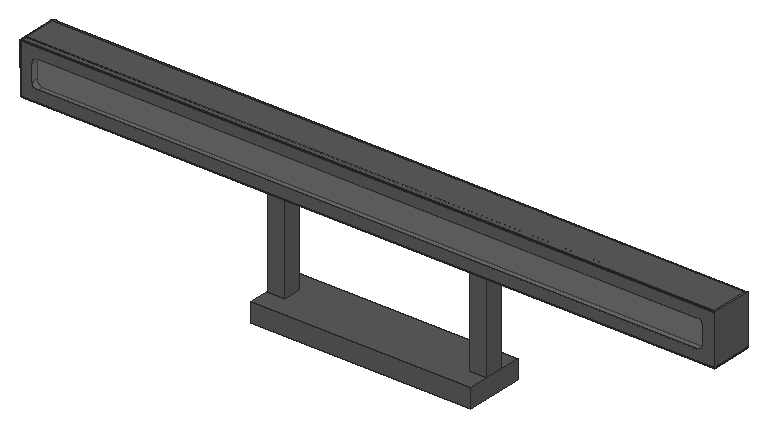
Revit family "Lighting_Linear_LED_StarTek_HydroBeam-Wall_Mount1", category Lighting Fixtures, host Face, Revit 2019
Family settings
  Host = Face
  Round Connector Dimension = Use Diameter
  Part Type = Normal
  OmniClass Number = 23.80.70.11
  OmniClass Title = Luminaries for Internal Lighting
  Cut with Voids When Loaded = No
  Light Source = Yes
  Shared = No
  Room Calculation Point = No
Parameters (values of type "Not a type - Load Type Catalog!")
  z_Start [instance] = Run Option = z_Option Start  # no
  z_Standalone [instance] = Run Option = z_Option Standalone  # yes
  z_Option Start = Run : Start Fixture
  z_Option Standalone = Run : Standalone Fixture
  z_Option Middle = Run : Middle Fixture
  z_Option End = Run : End Fixture
  z_Middle [instance] = Run Option = z_Option Middle  # no
  z_Length 8 = Length = 96.00"  # no
  z_Length 6 [instance] = or(Length = 72.00", Length = 48.00", and(Length < 48.00", or(z_Middle, z_End)))  # no
  z_End [instance] = Run Option = z_Option End  # no
  z_EC [instance] = z_Array No 04 = 3  # no
  z_Array No 04 [instance] = if(and(Emergency Circuit – End Fixture, z_End), 3, 2)  # 2
  z_Array No 03 [instance] = if(z_Middle, 2, if(and(z_End, Emergency Circuit – End Fixture), 3, if(z_End, 2, 3)))  # 3
  Z_Sweep Length [instance] = 1.00"  # constant formula
  Z_Sweep Angle [instance] = 90.00°  # constant formula
  Z_Connector Position V [instance] = 1.79"  # constant formula
  Z_Array No 2 [instance] = if(Length = 60.00", 3, 2)  # 3
  Z_Array No [instance] = if(Length = 60.00", 3, 2)  # 3
  Width = 4.39844"  # constant formula
  Weight = 0.00 lbf
  Wattage Comments = "Efficacy up to 125 lm/W"
  Wattage = 28.9855 W
  Wall_RA [instance] = Mounting = RAWM  # yes
  Wall_M [instance] = Mounting = WM  # no
  Wall postion [instance] = if(Mounting = RAWM, 10.00", 0.60156")  # 10.00"
  Wall [instance] = or(Mounting = WM, Mounting = RAWM)  # yes
  WM = Wall Mounting : Wall Mounted
  Voltage Range = "120-277V"  # constant formula
  built-in parameter 1150110 = 1 (stored number, unit not read)
  Voltage = 120 V
  URL = "https://starteklightingamerica.com/hydro-beam/"
  Type Comments = "Linear Lighting Fixture"  # constant formula
  built-in parameter 1114217 = 1 (stored number, unit not read)
  Tilt Angle [instance] = 90.00°  # constant formula
  built-in parameter 1150109 = 1 (stored number, unit not read)
  built-in parameter 1150134 = (empty or 0)
  built-in parameter 1150113 = 1 (stored number, unit not read)
  Run Option [instance] = Run : Standalone Fixture
  RAWM = Wall Mounting : Rigid Arm Wall Mount - RAWM
  Product data url = "https://www.bimobject.com/startek-lighting/product/hydrobeam"
  Product Material [instance] = StarTek Lighting - Aluminum - Powder Coat Black
  Power Factor = 0.93
  Photometric Web File = "Generic Light Source Shown : Please download and link the IES file that best matches your fixture specification"
  Photometric Note = "Import IES files https://starteklightingamerica.com/"  # constant formula
  Phase = 1
  Number of Poles = 1
  Mounting [instance] = Wall Mounting : Rigid Arm Wall Mount - RAWM
  Mount Finish Note [instance] = "Rigid stem mount can be ordered in white (RSW) or black (RSB)"  # constant formula
  Mount Finish [instance] = StarTek Lighting - Aluminum - Powder Coat Black
  Model = ""
  Mep Distance Y [instance] = 1.80"  # constant formula
  Manufacturer = "StarTek Lighting"  # constant formula
  Pendant distance [instance] = Length / 2 - 4.00"  # 26.00"
  MEP Distance = Length / 2  # 30.00"
  built-in parameter 1150105 = 318.31 (stored number, unit not read)
  Lumens = 4000 lm
  built-in parameter 1150115 = 1 (stored number, unit not read)
  built-in parameter 1150137 = (empty or 0)
  built-in parameter 1150139 = (empty or 0)
  Length = 60.00"
  built-in parameter 1150112 = 1 (stored number, unit not read)
  built-in parameter 1150114 = 1 (stored number, unit not read)
  Lamp = "LED"  # constant formula
  Keynote = "16500"  # constant formula
  Input Wattage = 36 W
  built-in parameter 1150132 = 2
  built-in parameter 1150102 = (empty or 0)
  built-in parameter 1150107 = 3500 (stored number, unit not read)
  built-in parameter 1150138 = (empty or 0)
  built-in parameter 1150106 = 3.1831 (stored number, unit not read)
  Height = 3.60156"  # constant formula
  Frequency = 60 Hz
  Emergency Circuit – End Fixture [instance] = no
  Distribution = "SD"
  Description = "HydroBeam"  # constant formula
  Emit from Rectangle Width [instance] = 4.00"  # constant formula
  Emit from Rectangle Length [instance] = Length  # 60.00"
  Emit Shape Visible in Rendering = 2 < 1  # no
  built-in parameter 1150104 = 12.821 (stored number, unit not read)
  Dimming Lamp Color Temperature Shift = <None>
  Default Elevation = 48.00"
  Tube length parameter [instance] = if(Mounting = RAWM, 10.00", 1.50")  # 10.00"
  Color Filter = 16777215
  Color [instance] = "Available options: Powder Coat White (PW), Powder Coat Black (PB), Powder Coat Bronze (PBR), Powder Coat Other (PBO)"  # constant formula
  Ceiling [instance] = 0 = 1  # no
  CRI = "80"
  built-in parameter 1114218 = 1 (stored number, unit not read)
  built-in parameter 1150133 = 10 (stored number, unit not read)
  Assembly Code = "D5020200"
  Apparent Load = Input Wattage / (Number of Poles * Power Factor)  # 38.7097 VA
Reference planes (in)
  plane 1 "Center (Front/Back)": y = 0
  plane 2: z = 0
  plane 3 "Center (Left/Right)": x = 0
  plane 4 "Lighting": z = 10
  plane 5: x = -26
  plane 6: x = 26
  plane 7: z = 10
  plane 8 "Lighting Y": y = 3.59976
  plane 9: z = 1.6
  plane 10: y = 4.34976
  plane 11: y = -0.75
  plane 12: x = -9.5
  plane 13: x = -8
  plane 14: x = 9.5
  plane 15: x = 8
  plane 16 "mep": x = -5
  plane 17 "mep y": y = 1.8
  plane 18: z = 1.79
  plane 19: z = 12.2
  plane 20: x = -30
  plane 21: x = 30
  plane 22 "add 1": x = 2
  plane 23 "add 2": x = -2
  plane 24: x = 0
  plane 25: z = 1.8
  plane 26: z = 12.2
Forms (in)
  Extrusion 1, solid, material "StarTek Lighting - Aluminum - Powder Coat Black" <- "Product Material", visible <- "Wall_M"
    sketch origin (0, -0.20066, 0) x (1, 0, 0) y (0, 1, 0)
      loop
        line (-26.53147, 1.00054) -> (26.53147, 1.00054) -> (26.53147, 3.00054) -> (-26.53147, 3.00054) -> (-26.53147, 1.00054)
    from 0 to 10
  Extrusion 2, solid, material "StarTek Lighting - Aluminum - Powder Coat Black" <- "Product Material", visible <- "Wall_RA"
    sketch origin (0, 0, 0) x (1, 0, 0) y (0, 0, 1)
      loop
        line (-9.5, 1.6) -> (-9.5, 0) -> (9.5, 0) -> (9.5, 1.6) -> (-9.5, 1.6)
    from -4.34976 to 0.75
  Extrusion 3, solid, material "StarTek Lighting - Aluminum - Powder Coat Black" <- "Product Material", visible <- "Wall_RA"
    sketch origin (0, 0, 0) x (1, 0, 0) y (0, 1, 0)
      loop
        line (-9.5, 2.54793) -> (-9.5, 1.04793) -> (-8, 1.04793) -> (-8, 2.54793) -> (-9.5, 2.54793)
      loop
        line (9.5, 2.54793) -> (8, 2.54793) -> (8, 1.04793) -> (9.5, 1.04793) -> (9.5, 2.54793)
    from 1.6 to 10
  Sweep 4, solid, not visible
    path origin (0, 0, 0) x (0, 1, 0) y (0, 0, 1)
      loop
        line (1.8, 1.79) -> (1.8, 0.79)
    profile origin (0, 1.8, 1.29) x (1, 0, 0) y (0, 1, 0)
      loop
        circle (0, 0) r 0.6
Lines and regions (in)
  Masking region 1, visible <- "Wall_RA"
    outline origin (0, 0, 0) x (1, 0, 0) y (0, 0, 1)
      loop
        line (-9.5, 10) -> (-9.5, 0) -> (9.5, 0) -> (9.5, 10) -> (8, 10) -> (8, 1.6) -> (-8, 1.6) -> (-8, 10) -> (-9.5, 10)
  Masking region 2, visible <- "Wall_M"
    outline origin (0, 0, 0) x (1, 0, 0) y (0, 0, 1)
      loop
        line (-26.53147, 10) -> (-26.53147, 0) -> (26.53147, 0) -> (26.53147, 10) -> (-26.53147, 10)
Dimensions and locks (in)
  "Tube length parameter": plane 4 "Lighting" to plane 2
  "Pendant distance": plane 3 "Center (Left/Right)" to plane 5
  plane 4 "Lighting" to level = 10.00"
  "Pendant distance": plane 3 "Center (Left/Right)" to plane 6
  locked: plane 8 "Lighting Y" to plane 1 "Center (Front/Back)" at 3.59976
  "Wall postion": plane 7 to plane 2
  locked: plane 5 to Extrusion 1 at 0.53147
  locked: plane 6 to Extrusion 1 at 0.53147
  locked: plane 9 to plane 2 at 1.6
  locked: plane 12 to plane 13 at 1.5
  locked: plane 14 to plane 15 at 1.5
  locked: Extrusion 3 sketch curve to plane 8 "Lighting Y" at 1.05183  (x2)
  locked: plane 1 "Center (Front/Back)" to Extrusion 3 sketch curve at 1.04793  (x2)
  equal spacing: plane 12, plane 3 "Center (Left/Right)", plane 14
  "Mep Distance Y": plane 17 "mep y" to plane 1 "Center (Front/Back)"
  "Z_Connector Position V": plane 18 to plane 2
  "Z_Sweep Length": Sweep 4 sketch curve to Sweep 4 sketch curve
  plane 19 to plane 4 "Lighting" = 2.20"
  locked: plane 5 to Masking region 2 sketch curve at 0.53147
  locked: plane 6 to Masking region 2 sketch curve at 0.53147
  equal spacing: plane 20, plane 3 "Center (Left/Right)", plane 21
  "Length": plane 20 to plane 21
  locked: plane 20 to plane 22 "add 1" at 32
  locked: plane 23 "add 2" to plane 21 at 32
  "MEP Distance": Sweep 4 sketch curve to plane 21
  equal spacing: group 1, group 2, group 3  (x3)
  "MEP Distance": plane 21 to plane 24
  locked: plane 24 to plane 16 "mep" at 5
  plane 25 to plane 2 = 1.80"
  locked: plane 26 to plane 19 at 0
  "Z_Sweep Angle": angle Sweep 4 sketch curve to plane 18
  aligned and locked: plane 2 to host face
  aligned and locked: level to host face
  aligned and locked: plane 3 "Center (Left/Right)" to nested 1
  aligned and locked: plane 7 to nested 1
  aligned and locked: plane 7 to Extrusion 1
  aligned and locked: Extrusion 2 sketch curve to plane 9
  aligned and locked: plane 2 to Extrusion 2 sketch curve
  aligned and locked: Extrusion 2 to plane 11
  aligned and locked: Extrusion 2 to plane 10
  aligned and locked: plane 12 to Extrusion 2
  aligned and locked: Extrusion 3 sketch curve to plane 12
  aligned and locked: plane 13 to Extrusion 3 sketch curve
  aligned and locked: plane 14 to Extrusion 3 sketch curve
  aligned and locked: Extrusion 3 sketch curve to plane 15
  aligned and locked: plane 4 "Lighting" to Extrusion 3
  aligned and locked: Extrusion 3 to plane 9
  aligned and locked: plane 18 to Sweep 4 sketch curve
  aligned and locked: plane 17 "mep y" to Sweep 4 sketch curve
  aligned and locked: nested 2 to plane 16 "mep"
  aligned and locked: Masking region 1 sketch curve to plane 12
  aligned and locked: plane 13 to Masking region 1 sketch curve
  aligned and locked: plane 14 to Masking region 1 sketch curve
  aligned and locked: Masking region 1 sketch curve to plane 15
  aligned and locked: Masking region 1 sketch curve to plane 9
  aligned and locked: Masking region 1 sketch curve to plane 7
  aligned and locked: plane 7 to Masking region 1 sketch curve
  aligned and locked: Masking region 1 sketch curve to plane 2
  aligned and locked: nested 4 to plane 24
  aligned and locked: plane 3 "Center (Left/Right)" to imposter light
  aligned and locked: imposter light to plane 1 "Center (Front/Back)"
  aligned and locked: imposter light to plane 19
  aligned and locked: imposter light to plane 26
Automatic sketch dimensions
  host sketch curve to host sketch curve = 73.66986"
  host sketch curve to host sketch curve = 97.5302"
  Extrusion 1 sketch curve to plane 5 = 0.53147"
  Extrusion 1 sketch curve to plane 6 = 0.53147"
  Extrusion 1 sketch curve to plane 1 "Center (Front/Back)" = 0.79988"
  plane 8 "Lighting Y" to Extrusion 1 sketch curve = 0.79988"
  plane 12 to Extrusion 2 sketch curve = 0.00"
  Extrusion 2 sketch curve to plane 14 = 0.00"
  Masking region 2 sketch curve to level = 0.00"
  Masking region 2 sketch curve to plane 7 = 0.00"
  profile plane to Sweep 4 sketch curve = 0.00"
  radius of Sweep 4 sketch curve = 0.60"
Nested families (in)
  nested 1: "Run" at (0, 3.59976, 12.2) x (1, 0, 0) z (0, -1, 0), visible <- "Wall", type "Standalone Fixture"
    with z_Right Cap yes, z_Left Cap yes, Wall yes, Ceiling no, Length 60.00"
  nested 2: "Connector" at (-5, 0, 1.79) x (-1, 0, 0) z (0, 0, 1), Length <- "Length", C <- "Z_Sweep Length", Emergency Circuit <- "z_EC", type "Connector"
    with SME no, Length 60.00", Emergency Circuit no, C 1.00", B 0.3937", Angle 270.00°, A 1.3937"
  nested 3: "Connector" at (-2.5, 0, 1.79) x (-1, 0, 0) z (0, 0, 1), Length <- "Length", C <- "Z_Sweep Length", Emergency Circuit <- "z_EC", type "Connector"
    with SME no, Length 60.00", Emergency Circuit no, C 1.00", B 0.3937", Angle 270.00°, A 1.3937"
  nested 4: "Connector" at (0, 0, 1.79) x (-1, 0, 0) z (0, 0, 1), Length <- "Length", C <- "Z_Sweep Length", Emergency Circuit <- "z_EC", type "Connector"
    with SME no, Length 60.00", Emergency Circuit no, C 1.00", B 0.3937", Angle 270.00°, A 1.3937"
Connectors (in)
  electrical at (0, 0, 0.0026), driven by "Number of Poles", driven by "Voltage", driven by "Apparent Load", driven by "Power Factor"
    settings: on nested 4, index 2, voltage 120 V, apparent load 38.7097 VA, apparent load phase1 0 VA, apparent load phase2 0 VA, apparent load phase3 0 VA, power factor 0.93, load classification "Other", number of poles 1, system type 30, power factor state 1, is connector primary yes, connector utility no, sub classification motor no, connector description "Power Supply"
Definition of nested family "Run"
  Parameters (values of type "Standalone Fixture")
    z_Start = no
    z_Standalone = not(or(z_Start, z_Middle, z_End))  # yes
    z_Right Cap [instance] = or(z_Standalone, z_End)  # yes
    z_Middle = no
    z_Left Cap [instance] = or(z_Standalone, z_Start)  # yes
    z_End = no
    Wall [instance] = yes
    Length = 48.00"
    Lamp Finish = none
    Default Elevation = 48.00"
    Ceiling [instance] = no
  Types (4): name
    Standalone Fixture
    End Fixture
    Middle Fixture
    Start Fixture
  Reference planes (in)
    plane 1 "Center (Front/Back)": y = 0
    plane 2: z = 0
    plane 3 "Center (Left/Right)": x = 0
    plane 4: x = -24
    plane 5: x = 24
  Forms (in)
    Extrusion 1, solid
      sketch origin (0, 0, 0) x (1, 0, 0) y (0, 1, 0)
        loop
          line (-48, 48) -> (-48, -48) -> (48, -48) -> (48, 48) -> (-48, 48)
      from 0 to -12
    Extrusion 2, solid, material <- "Lamp Finish", detail levels coarse
      sketch origin (0, 0, 0) x (0, 1, 0) y (0, 0, 1)
        loop
          line (-2.2, 3.59976) -> (-2.2, 0) -> (2.2, 0) -> (2.2, 3.59976) -> (-2.2, 3.59976)
      from -24 to 24
    Extrusion 3, solid, material <- "Lamp Finish", detail levels medium
      sketch origin (0, 0, 0) x (0, 1, 0) y (0, 0, 1)
        loop
          line (2.2, 3.59976) -> (-2.2, 3.59976) -> (-2.2, 0.2)
          arc (-2.2, 0.2) -> (-2.14142, 0.05858) -> (-2, 0) r 0.2
          line (-2, 0) -> (2, 0)
          arc (2, 0) -> (2.14142, 0.05858) -> (2.2, 0.2) r 0.2
          line (2.2, 0.2) -> (2.2, 3.59976)
      from -24 to 24
    Extrusion 4, solid, material <- "Lamp Finish", detail levels medium
      sketch origin (0, 0, 0) x (1, 0, 0) y (0, 1, 0)
        loop
          line (-23.95737, 2.175) -> (-23.95737, -2.175) -> (23.9737, -2.175) -> (23.9737, 2.175) -> (-23.95737, 2.175)
        loop
          arc (-23, -0.7) -> (-22.85355, -1.05355) -> (-22.5, -1.2) r 0.5
          line (-22.5, -1.2) -> (22.5, -1.2)
          arc (22.5, -1.2) -> (22.85355, -1.05355) -> (23, -0.7) r 0.5
          line (23, -0.7) -> (23, 0.7)
          arc (23, 0.7) -> (22.85355, 1.05355) -> (22.5, 1.2) r 0.5
          line (22.5, 1.2) -> (-22.5, 1.2)
          arc (-22.5, 1.2) -> (-22.85355, 1.05355) -> (-23, 0.7) r 0.5
          line (-23, 0.7) -> (-23, -0.7)
      from 3.09976 to 3.59976
    Extrusion 5, solid, detail levels medium+fine
      sketch origin (0, 0, 0) x (1, 0, 0) y (0, 1, 0)
        loop
          arc (-22.5, 1.2) -> (-22.85355, 1.05355) -> (-23, 0.7) r 0.5
          line (-23, 0.7) -> (-23, -0.7)
          arc (-23, -0.7) -> (-22.85355, -1.05355) -> (-22.5, -1.2) r 0.5
          line (-22.5, -1.2) -> (22.5, -1.2)
          arc (22.5, -1.2) -> (22.85355, -1.05355) -> (23, -0.7) r 0.5
          line (23, -0.7) -> (23, 0.7)
          arc (23, 0.7) -> (22.85355, 1.05355) -> (22.5, 1.2) r 0.5
          line (22.5, 1.2) -> (-22.5, 1.2)
      from 3.09976 to 3.59976
    Extrusion 6, void
      sketch origin (0, 0, 0) x (1, 0, 0) y (0, 1, 0)
        loop
          line (23.99074, 2.19219) -> (-23.99333, 2.19219) -> (-23.99333, -2.19219) -> (23.99074, -2.19219) -> (23.99074, 2.19219)
      from 3.09976 to 3.59976
    Extrusion 7, solid, material <- "Lamp Finish", detail levels fine
      sketch origin (0, 0, 0) x (1, 0, 0) y (0, 1, 0)
        loop
          line (-23.95737, 2.08125) -> (-23.95737, -2.08174)
          arc (-23.95737, -2.08174) -> (-23.93005, -2.14769) -> (-23.86411, -2.175) r 0.09326
          line (-23.86411, -2.175) -> (23.87995, -2.175)
          arc (23.87995, -2.175) -> (23.94624, -2.14754) -> (23.9737, -2.08125) r 0.09375
          line (23.9737, -2.08125) -> (23.9737, 2.08125)
          arc (23.9737, 2.08125) -> (23.94624, 2.14754) -> (23.87995, 2.175) r 0.09375
          line (23.87995, 2.175) -> (-23.86362, 2.175)
          arc (-23.86362, 2.175) -> (-23.92991, 2.14754) -> (-23.95737, 2.08125) r 0.09375
        loop
          arc (-23, -0.7) -> (-22.85355, -1.05355) -> (-22.5, -1.2) r 0.5
          line (-22.5, -1.2) -> (22.5, -1.2)
          arc (22.5, -1.2) -> (22.85355, -1.05355) -> (23, -0.7) r 0.5
          line (23, -0.7) -> (23, 0.7)
          arc (23, 0.7) -> (22.85355, 1.05355) -> (22.5, 1.2) r 0.5
          line (22.5, 1.2) -> (-22.5, 1.2)
          arc (-22.5, 1.2) -> (-22.85355, 1.05355) -> (-23, 0.7) r 0.5
          line (-23, 0.7) -> (-23, -0.7)
      from 3.09976 to 3.59976
    Extrusion 8, solid, material <- "Lamp Finish", detail levels fine
      sketch origin (0, 0, 0) x (0, 1, 0) y (0, 0, 1)
        loop
          line (2.2, 3.59976) -> (-2.2, 3.59976) -> (-2.2, 0.2)
          arc (-2.2, 0.2) -> (-2.14142, 0.05858) -> (-2, 0) r 0.2
          line (-2, 0) -> (2, 0)
          arc (2, 0) -> (2.14142, 0.05858) -> (2.2, 0.2) r 0.2
          line (2.2, 0.2) -> (2.2, 3.59976)
      from -24 to 24
    Extrusion 9, void
      sketch origin (0, 0, 0) x (1, 0, 0) y (0, 1, 0)
        loop
          arc (-23.90625, 2.2) -> (-23.97254, 2.17254) -> (-24, 2.10625) r 0.09375
          line (-24, 2.10625) -> (-24, -2.10625)
          arc (-24, -2.10625) -> (-23.97254, -2.17254) -> (-23.90625, -2.2) r 0.09375
          line (-23.90625, -2.2) -> (23.90625, -2.2)
          arc (23.90625, -2.2) -> (23.97254, -2.17254) -> (24, -2.10625) r 0.09375
          line (24, -2.10625) -> (24, 2.10625)
          arc (24, 2.10625) -> (23.97254, 2.17254) -> (23.90625, 2.2) r 0.09375
          line (23.90625, 2.2) -> (-23.90625, 2.2)
        loop
          line (-24.45438, 2.52395) -> (-24.45438, -2.47605) -> (24.54562, -2.47605) -> (24.54562, 2.52395) -> (-24.45438, 2.52395)
      from 0 to 4.88308
    Extrusion 10, void
      sketch origin (0, 0, 0) x (1, 0, 0) y (0, 1, 0)
        loop
          arc (-23.89958, 2.19219) -> (-23.96587, 2.16473) -> (-23.99333, 2.09844) r 0.09375
          line (-23.99333, 2.09844) -> (-23.99333, -2.09893)
          arc (-23.99333, -2.09893) -> (-23.96602, -2.16487) -> (-23.90007, -2.19219) r 0.09326
          line (-23.90007, -2.19219) -> (23.89699, -2.19219)
          arc (23.89699, -2.19219) -> (23.96328, -2.16473) -> (23.99074, -2.09844) r 0.09375
          line (23.99074, -2.09844) -> (23.99074, 2.09844)
          arc (23.99074, 2.09844) -> (23.96328, 2.16473) -> (23.89699, 2.19219) r 0.09375
          line (23.89699, 2.19219) -> (-23.89958, 2.19219)
      from 3.09976 to 5.66778
    Extrusion 11, solid, material <- "Lamp Finish", visible <- "z_Left Cap", detail levels medium+fine
      sketch origin (-24, 60, 48) x (0, 1, 0) y (0, 0, 1)
        loop
          line (-57.8, -47.8) -> (-57.8, -44.40024) -> (-62.2, -44.40024) -> (-62.2, -47.8)
          arc (-62.2, -47.8) -> (-62.14142, -47.94142) -> (-62, -48) r 0.2
          line (-62, -48) -> (-58, -48)
          arc (-58, -48) -> (-57.85858, -47.94142) -> (-57.8, -47.8) r 0.2
      from 0 to -0.03125
    Extrusion 12, solid, material <- "Lamp Finish", visible <- "z_Right Cap", detail levels medium+fine
      sketch origin (24, 60, 48) x (0, 1, 0) y (0, 0, 1)
        loop
          line (-57.8, -47.8) -> (-57.8, -44.40024) -> (-62.2, -44.40024) -> (-62.2, -47.8)
          arc (-62.2, -47.8) -> (-62.14142, -47.94142) -> (-62, -48) r 0.2
          line (-62, -48) -> (-58, -48)
          arc (-58, -48) -> (-57.85858, -47.94142) -> (-57.8, -47.8) r 0.2
      from 0 to 0.03125
  Cuts and joins
    Extrusion 6 cuts Extrusion 3
    Extrusion 9, Extrusion 10 cuts Extrusion 8
  Lines and regions (in)
    Masking region 1
      outline origin (0, 0, 0) x (1, 0, 0) y (0, 1, 0)
        loop
          line (-24, 2.2) -> (-24, -2.2) -> (24, -2.2) -> (24, 2.2) -> (-24, 2.2)
    Masking region 2, detail levels medium+fine
      outline origin (0, 0, 0) x (1, 0, 0) y (0, 1, 0)
        loop
          line (-22.5, -1.2) -> (22.5, -1.2)
          arc (22.5, -1.2) -> (22.85355, -1.05355) -> (23, -0.7) r 0.5
          line (23, -0.7) -> (23, 0.7)
          arc (23, 0.7) -> (22.85355, 1.05355) -> (22.5, 1.2) r 0.5
          line (22.5, 1.2) -> (-22.5, 1.2)
          arc (-22.5, 1.2) -> (-22.85355, 1.05355) -> (-23, 0.7) r 0.5
          line (-23, 0.7) -> (-23, -0.7)
          arc (-23, -0.7) -> (-22.85355, -1.05355) -> (-22.5, -1.2) r 0.5
    Masking region 3, visible <- "z_Left Cap", detail levels medium+fine
      outline origin (0, 0, 0) x (1, 0, 0) y (0, 1, 0)
        loop
          line (-24.03125, 2.2) -> (-24.03125, -2.2) -> (-24, -2.2) -> (-24, 2.2) -> (-24.03125, 2.2)
    Masking region 4, visible <- "z_Right Cap", detail levels medium+fine
      outline origin (0, 0, 0) x (1, 0, 0) y (0, 1, 0)
        loop
          line (24.03125, 2.2) -> (24, 2.2) -> (24, -2.2) -> (24.03125, -2.2) -> (24.03125, 2.2)
  Dimensions and locks (in)
    equal spacing: plane 4, plane 3 "Center (Left/Right)", plane 5
    "Length": plane 4 to plane 5
    locked: plane 4 to Extrusion 7 sketch curve at 0.04263
    locked: Extrusion 7 sketch curve to plane 5 at 0.0263
    locked: plane 4 to Extrusion 7 sketch curve at 1
    locked: Extrusion 7 sketch curve to plane 5 at 1
    locked: plane 4 to Extrusion 5 sketch curve at 1
    locked: Extrusion 5 sketch curve to plane 5 at 1
    locked: plane 4 to Extrusion 4 sketch curve at 0.04263
    locked: Extrusion 4 sketch curve to plane 5 at 0.0263
    locked: plane 4 to Extrusion 4 sketch curve at 1
    locked: Extrusion 4 sketch curve to plane 5 at 1
    locked: plane 4 to Extrusion 10 sketch curve at 0.00667
    locked: Extrusion 10 sketch curve to plane 5 at 0.00926
    locked: Extrusion 9 sketch curve to plane 4 at 0.45438
    locked: plane 5 to Extrusion 9 sketch curve at 0.54562
    locked: plane 4 to Extrusion 6 sketch curve at 0.00667
    locked: Extrusion 6 sketch curve to plane 5 at 0.00926
    locked: plane 4 to Masking region 2 sketch curve at 1
    Masking region 2 sketch curve to plane 5 = 1.00"
    aligned and locked: plane 2 to Extrusion 1
    aligned and locked: level to Extrusion 1
    aligned and locked: plane 4 to Extrusion 9 sketch curve
    aligned and locked: Extrusion 9 sketch curve to plane 5
    aligned and locked: plane 5 to Extrusion 2
    aligned and locked: Extrusion 2 to plane 4
    aligned and locked: plane 4 to Extrusion 2
    aligned and locked: Extrusion 2 to plane 5
    aligned and locked: cut or joined group of Extrusion 8, Extrusion 9, Extrusion 10 to plane 4
    aligned and locked: plane 5 to cut or joined group of Extrusion 8, Extrusion 9, Extrusion 10
    aligned and locked: plane 5 to cut or joined group of Extrusion 3, Extrusion 6
    aligned and locked: cut or joined group of Extrusion 3, Extrusion 6 to plane 4
    aligned and locked: plane 4 to Masking region 1 sketch curve
    aligned and locked: Masking region 1 sketch curve to plane 5
    aligned and locked: Masking region 3 sketch curve to Extrusion 11
    aligned and locked: Extrusion 11 to Masking region 3 sketch curve  (x2)
    aligned and locked: Masking region 3 sketch curve to plane 4
    aligned and locked: Masking region 4 sketch curve to Extrusion 12  (x3)
    aligned and locked: Masking region 4 sketch curve to plane 5
  Automatic sketch dimensions
    Extrusion 1 sketch curve to Extrusion 1 sketch curve = 96.00"  (x2)
    Extrusion 2 sketch curve to level = 0.00"
    plane 1 "Center (Front/Back)" to Extrusion 2 sketch curve = 2.20"
    Extrusion 2 sketch curve to plane 1 "Center (Front/Back)" = 2.20"
    level to Extrusion 2 sketch curve = 3.59976"
    Extrusion 3 sketch curve to level = 0.00"
    plane 1 "Center (Front/Back)" to Extrusion 3 sketch curve = 2.20"
    Extrusion 3 sketch curve to Extrusion 3 sketch curve = 0.20"
    level to Extrusion 3 sketch curve = 0.20"
    Extrusion 3 sketch curve to plane 1 "Center (Front/Back)" = 2.00"
    Extrusion 3 sketch curve to Extrusion 3 sketch curve = 3.39976"
    Extrusion 4 sketch curve to Extrusion 4 sketch curve = 0.50"  (x4)
    plane 1 "Center (Front/Back)" to Extrusion 4 sketch curve = 2.175"
    plane 1 "Center (Front/Back)" to Extrusion 4 sketch curve = 1.20"
    Extrusion 4 sketch curve to plane 1 "Center (Front/Back)" = 0.70"
    Extrusion 4 sketch curve to Extrusion 4 sketch curve = 0.975"
    Extrusion 5 sketch curve to Extrusion 5 sketch curve = 0.50"  (x4)
    plane 1 "Center (Front/Back)" to Extrusion 5 sketch curve = 1.20"
    Extrusion 5 sketch curve to plane 1 "Center (Front/Back)" = 0.70"
    plane 1 "Center (Front/Back)" to Extrusion 6 sketch curve = 2.19219"
    Extrusion 6 sketch curve to plane 1 "Center (Front/Back)" = 2.19219"
    Extrusion 7 sketch curve to Extrusion 7 sketch curve = 0.09326"
    Extrusion 7 sketch curve to Extrusion 7 sketch curve = 0.09375"  (x2)
    Extrusion 7 sketch curve to Extrusion 7 sketch curve = 0.50"  (x4)
    Extrusion 7 sketch curve to plane 5 = 0.12005"
    plane 1 "Center (Front/Back)" to Extrusion 7 sketch curve = 2.175"
    plane 1 "Center (Front/Back)" to Extrusion 7 sketch curve = 1.20"
    Extrusion 7 sketch curve to plane 1 "Center (Front/Back)" = 0.70"
    Extrusion 7 sketch curve to Extrusion 7 sketch curve = 1.38125"
    Extrusion 8 sketch curve to level = 0.00"
    plane 1 "Center (Front/Back)" to Extrusion 8 sketch curve = 2.20"
    Extrusion 8 sketch curve to Extrusion 8 sketch curve = 0.20"
    level to Extrusion 8 sketch curve = 0.20"
    Extrusion 8 sketch curve to plane 1 "Center (Front/Back)" = 2.00"
    Extrusion 8 sketch curve to Extrusion 8 sketch curve = 3.39976"
    plane 4 to Extrusion 9 sketch curve = 0.09375"  (x2)
    Extrusion 9 sketch curve to plane 5 = 0.09375"  (x2)
    plane 1 "Center (Front/Back)" to Extrusion 9 sketch curve = 2.47605"
    Extrusion 9 sketch curve to Extrusion 9 sketch curve = 0.27605"
    Extrusion 9 sketch curve to plane 1 "Center (Front/Back)" = 2.10625"
    Extrusion 9 sketch curve to Extrusion 9 sketch curve = 0.4177"
    Extrusion 10 sketch curve to Extrusion 10 sketch curve = 0.09326"
    Extrusion 10 sketch curve to Extrusion 10 sketch curve = 0.09375"
    Extrusion 10 sketch curve to plane 5 = 0.10301"  (x2)
    plane 1 "Center (Front/Back)" to Extrusion 10 sketch curve = 2.19219"
    Extrusion 10 sketch curve to plane 1 "Center (Front/Back)" = 2.09844"
    plane 1 "Center (Front/Back)" to Masking region 1 sketch curve = 2.20"
    Masking region 1 sketch curve to plane 1 "Center (Front/Back)" = 2.20"
    Masking region 2 sketch curve to Masking region 2 sketch curve = 0.50"  (x4)
    plane 1 "Center (Front/Back)" to Masking region 2 sketch curve = 1.20"
    Masking region 2 sketch curve to plane 1 "Center (Front/Back)" = 0.70"
    Extrusion 11 sketch curve to level = 0.00"
    plane 1 "Center (Front/Back)" to Extrusion 11 sketch curve = 2.20"
    Extrusion 11 sketch curve to Extrusion 11 sketch curve = 0.20"
    level to Extrusion 11 sketch curve = 0.20"
    Extrusion 11 sketch curve to plane 1 "Center (Front/Back)" = 2.00"
    Extrusion 11 sketch curve to Extrusion 11 sketch curve = 3.39976"
    Extrusion 12 sketch curve to level = 0.00"
    plane 1 "Center (Front/Back)" to Extrusion 12 sketch curve = 2.20"
    level to Extrusion 12 sketch curve = 0.20"  (x2)
    Extrusion 12 sketch curve to plane 1 "Center (Front/Back)" = 2.00"
    Extrusion 12 sketch curve to Extrusion 12 sketch curve = 3.39976"
Definition of nested family "Connector"
  Parameters (values of type "Connector")
    SME [instance] = yes
    Length [instance] = 96.00"
    Emergency Circuit [instance] = yes
    Default Elevation = 48.00"
    C [instance] = 0.3937"
    B [instance] = if(SME, 0.00", 0.3937")  # 0.00"
    Angle [instance] = if(Emergency Circuit, 180.00°, if(SME, 0.00°, 270.00°))  # 180.00°
    A [instance] = if(SME, Length / 2, C + B)  # 48.00"
  Reference planes (in)
    plane 1 "Center (Front/Back)": y = 0
    plane 2: z = 0
    plane 3 "Center (Left/Right)": x = 0
  Forms (in)
    Extrusion 1, solid
      sketch origin (0, 0, 0) x (1, 0, 0) y (0, 1, 0)
        loop
          line (-48, 48) -> (-48, -48) -> (48, -48) -> (48, 48) -> (-48, 48)
      from 0 to -12
    Sweep 2, solid, not visible
      path origin (0, 0, 0) x (1, 0, 0) y (0, 0, 1)
        loop
          line (0, 0) -> (-48, 0)
      profile origin (-24, 0, 0) x (0, 0, -1) y (0, -1, 0)
        loop
          circle (0, 0) r 0.3937
  Dimensions and locks (in)
    "B": plane 2 to Sweep 2 sketch curve
    "A": Sweep 2 sketch curve to Sweep 2 sketch curve
    "Angle": angle plane 2 to Sweep 2 sketch curve
    aligned and locked: plane 2 to Extrusion 1
    aligned and locked: level to Extrusion 1
    aligned and locked: plane 3 "Center (Left/Right)" to Sweep 2 sketch curve
  Automatic sketch dimensions
    Extrusion 1 sketch curve to Extrusion 1 sketch curve = 96.00"  (x2)
    Sweep 2 sketch curve to plane 1 "Center (Front/Back)" = 0.00"
    profile plane to Sweep 2 sketch curve = 0.00"
    radius of Sweep 2 sketch curve = 0.3937"
